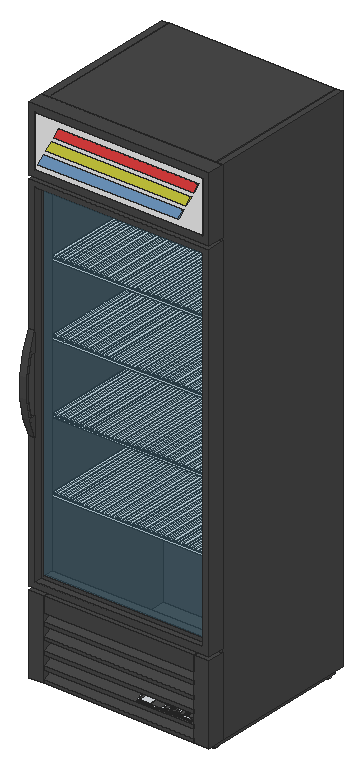
Revit family "QF_TRUE_GDM-19T-HC~TSL01_cat", category Specialty Equipment, Revit 2016
Family settings
  Part Type = Normal
  Round Connector Dimension = Use Diameter
  Work Plane-Based = No
  Always vertical = Yes
  Cut with Voids When Loaded = No
  Shared = No
  Room Calculation Point = No
Parameters
  Weight in Pounds = 315
  Watts = Volts * FL Amps  # 621 W
  Volts = 115 V
  URL Cutsheet = ""
  Specification by User = ""
  Specification by Manufacturer = ""
  Show Logo [instance] = yes
  Show Default Legs [instance] = if(Show 6 Inches Standard Legs, or(Show 6 Inches Seismic Flanged Legs, Show 2.5 Inches Castors), if(Show 2.5 Inches Castors, Show 6 Inches Seismic Flanged Legs, not(or(Show 6 Inches Seismic Flanged Legs, Show 2.5 Inches Castors, Show 6 Inches Standard Legs))))  # yes
  Show Clearance [instance] = yes
  Show 6 Inches Standard Legs [instance] = no
  Show 6 Inches Seismic Flanged Legs [instance] = no
  Show 2.5 Inches Castors [instance] = no
  Serial Number = ""
  Seismic Rating = ""
  SMACNA No = ""
  Revision Code = ""
  Phase = 1
  Number of Poles = 1
  NAFEM Spec ID Number = ""
  Model = "GDM-19T-HC-TSL01"
  Min Ckt Ampacity = 0 A
  Max Overcurrent Protection = 0 A
  Masterspec = ""
  Manufacturer = "TRUE"
  Length = 27"
  Item Number = ""
  Installed By = ""
  Identify Quantity as Lot = yes
  Height [instance] = Body Height + Base Height  # 78 5/8"
  HP = "1/3"
  Furnished By = ""
  Foodservice Equipment Identifier = yes
  FL Amps = 5.4 A
  Electrical Remarks = ""
  Electric Connection Type = ""
  Elec Conn RI Height = 0"
  Elec Conn Connection Height = 0"
  Description = "SWING DOOR REFRIGERATOR WITH HYDRO CARBON REFRIGERANT-TRUE STANDARD LOOK VERSION 01"
  Depth = 24 7/8"  # constant formula
  Cycle = 60 Hz
  Conn Plug = "NEMA 5-15P"
  Conn Conduit = yes
  CSI MasterFormat = ""
  Materials and Finishes = QF_Plastic - Black - Smooth
  Body Height [instance] = 78 5/16"  # constant formula
  Base Height [instance] = if(Show Default Legs, 5/16", if(Show 6 Inches Standard Legs, 6", if(Show 6 Inches Seismic Flanged Legs, 6", if(Show 2.5 Inches Castors, 2 1/2", 5/16"))))  # 5/16"
  Apparent Power = 0 VA
  6 Inches Standard Legs [instance] = and(Show 6 Inches Standard Legs, not(Show Default Legs))  # no
  6 Inches Seismic Flanged Legs [instance] = and(Show 6 Inches Seismic Flanged Legs, not(Show Default Legs))  # no
  2.5 Inches Castors [instance] = and(Show 2.5 Inches Castors, not(Show Default Legs))  # no
Reference planes (in)
  plane 1 "BACK": y = 0
  plane 2: z = 0
  plane 3 "LEFT": x = 0
  plane 4 "RIGHT": x = 27
  plane 5 "FRONT": y = -26.5
  plane 6 "TOP": z = 78.625
  plane 7 "Center Y": x = 13.5
  plane 8 "Center X": y = -13.25
  plane 9: z = 0.3125
  plane 10: z = 1.6875
  plane 11: y = -24.875
  plane 12: z = 1.6875
  plane 13: y = -49.753
Dimensions and locks (in)
  equal spacing: plane 3 "LEFT", plane 7 "Center Y", plane 4 "RIGHT"
  "Length": plane 3 "LEFT" to plane 4 "RIGHT"
  equal spacing: plane 5 "FRONT", plane 8 "Center X", plane 1 "BACK"
  plane 5 "FRONT" to plane 1 "BACK" = 26 1/2"  (x2)
  "Body Height": plane 6 "TOP" to plane 9
  plane 4 "RIGHT" to plane 3 "LEFT" = 27"
  "Base Height": plane 9 to level
  plane 10 to plane 9 = 1 3/8"
  "Depth": plane 1 "BACK" to plane 11
  plane 13 to plane 1 "BACK" = 49.753"
  aligned and locked: level to plane 2
  aligned and locked: plane 9 to nested 1
Nested families (in)
  nested 1: "GDM-19T-HC-TSL01" at (0, 0, 0), Show Clearance <- "Show Clearance", Show Default Legs <- "Show Default Legs", Show Logo <- "Show Logo", type "GDM-19T-HC-TSL01"
    with Show Logo yes, Show Default Legs yes, Show Clearance yes
  nested 2: "CASTER-LEGS" at (2.5, -2, 0), Show Siesmic Flanged <- "6 Inches Seismic Flanged Legs", Show 6 Inches Legs <- "6 Inches Standard Legs", Show 2.5 Casters <- "2.5 Inches Castors", type "CASTER-LEGS"
    with Type Mark "", Status "", Specification by User "", Show Siesmic Flanged no, Show 6" Casters no, Show 6 Inches Legs no, Show 5" Casters no, Show 4" Casters no, Show 2.5 Standard Legs no, Show 2.5 Casters no, Revision Code "", Low Profile yes, Item Number "", Installed By "", Identify Quantity as Lot yes, Furnished By "", Foodservice Equipment Identifier yes
  nested 3: "CASTER-LEGS" at (24.5, -2, 0), Show Siesmic Flanged <- "6 Inches Seismic Flanged Legs", Show 6 Inches Legs <- "6 Inches Standard Legs", Show 2.5 Casters <- "2.5 Inches Castors", type "CASTER-LEGS"
    with Type Mark "", Status "", Specification by User "", Show Siesmic Flanged no, Show 6" Casters no, Show 6 Inches Legs no, Show 5" Casters no, Show 4" Casters no, Show 2.5 Standard Legs no, Show 2.5 Casters no, Revision Code "", Low Profile yes, Item Number "", Installed By "", Identify Quantity as Lot yes, Furnished By "", Foodservice Equipment Identifier yes
  nested 4: "CASTER-LEGS" at (2.5, -20.375, 0), Show Siesmic Flanged <- "6 Inches Seismic Flanged Legs", Show 6 Inches Legs <- "6 Inches Standard Legs", Show 2.5 Casters <- "2.5 Inches Castors", type "CASTER-LEGS"
    with Type Mark "", Status "", Specification by User "", Show Siesmic Flanged no, Show 6" Casters no, Show 6 Inches Legs no, Show 5" Casters no, Show 4" Casters no, Show 2.5 Standard Legs no, Show 2.5 Casters no, Revision Code "", Low Profile yes, Item Number "", Installed By "", Identify Quantity as Lot yes, Furnished By "", Foodservice Equipment Identifier yes
  nested 5: "CASTER-LEGS" at (24.5, -20.375, 0), Show Siesmic Flanged <- "6 Inches Seismic Flanged Legs", Show 6 Inches Legs <- "6 Inches Standard Legs", Show 2.5 Casters <- "2.5 Inches Castors", type "CASTER-LEGS"
    with Type Mark "", Status "", Specification by User "", Show Siesmic Flanged no, Show 6" Casters no, Show 6 Inches Legs no, Show 5" Casters no, Show 4" Casters no, Show 2.5 Standard Legs no, Show 2.5 Casters no, Revision Code "", Low Profile yes, Item Number "", Installed By "", Identify Quantity as Lot yes, Furnished By "", Foodservice Equipment Identifier yes
Connectors (in)
  electrical at (13.5, -1, 39.65625), driven by "Volts", driven by "Watts"
    settings: on nested 1, index 1, voltage 115 V, apparent load 621 VA, apparent load phase1 0 VA, apparent load phase2 0 VA, apparent load phase3 0 VA, power factor 1, load classification "Other", number of poles 1, system type 30, power factor state 1, is connector primary yes, connector utility no, sub classification motor no, connector description "ELECTRICAL CONNECTION"
Definition of nested family "GDM-19T-HC-TSL01"
  Parameters (values of type "GDM-19T-HC-TSL01")
    Weight in Pounds = 0
    Watts = 0 W
    Volts = 0 V
    URL Cutsheet = ""
    Specification by User = ""
    Specification by Manufacturer = ""
    Show Logo [instance] = yes
    Show Default Legs [instance] = yes
    Show Clearance [instance] = yes
    Serial Number = ""
    Seismic Rating = ""
    SMACNA No = ""
    Revision Code = ""
    Phase = 0
    Number of Poles = 1
    NAFEM Spec ID Number = ""
    Model = ""
    Min Ckt Ampacity = 0 A
    Max Overcurrent Protection = 0 A
    Masterspec = ""
    Manufacturer = ""
    Length = 27"
    Item Number = ""
    Installed By = ""
    Identify Quantity as Lot = yes
    Height = 78 5/8"
    HP = ""
    Furnished By = ""
    Foodservice Equipment Identifier = yes
    FL Amps = 0 A
    Electrical Remarks = ""
    Electric Connection Type = ""
    Elec Conn RI Height = 0"
    Elec Conn Connection Height = 0"
    Description = ""
    Depth = 26 1/2"
    Cycle = 0 Hz
    Conn Plug = ""
    Conn Conduit = yes
    CSI MasterFormat = ""
    Body Finish = none
    Apparent Power = 0 VA
  Reference planes (in)
    plane 1 "BACK": y = 0
    plane 2: z = 0
    plane 3 "LEFT": x = 0
    plane 4 "RIGHT": x = 27
    plane 5 "FRONT": y = -26.5
    plane 6 "TOP": z = 78.625
    plane 7 "Center Y": x = 13.5
    plane 8 "Center X": y = -13.25
    plane 9: z = 0.3125
    plane 10: z = 1.6875
    plane 11: y = -24.875
    plane 12: z = 1.6875
    plane 13: y = -49.753
  Forms (in)
    Extrusion 1, solid, material <- "Body Finish"
      sketch origin (0, -26.5, 0) x (1, 0, 0) y (0, 0, 1)
        loop
          line (0, 78.625) -> (0, 68.875) -> (27, 68.875) -> (27, 78.625) -> (0, 78.625)
        loop
          line (1, 77.625) -> (1, 69.875) -> (26, 69.875) -> (26, 77.625) -> (1, 77.625)
      from -1.625 to -4.125
    Extrusion 2, solid, material <- "Body Finish"
      sketch origin (-10.24231, -24.875, 48) x (-1, 0, 0) y (0, 0, 1)
        loop
          line (-37.24231, 20.38229) -> (-37.24231, -34.11771) -> (-10.24231, -34.11771) -> (-10.24231, 20.38229) -> (-37.24231, 20.38229)
        loop
          line (-36.24231, 19.63229) -> (-36.24231, -33.11771) -> (-11.24231, -33.11771) -> (-11.24231, 19.63229) -> (-36.24231, 19.63229)
      from 0 to 2.5
    Extrusion 3, solid, material <- "Body Finish"
      sketch origin (-10.24231, -24.875, 48) x (-1, 0, 0) y (0, 0, 1)
        loop
          line (-10.24231, -46.3125) -> (-10.24231, -34.61771) -> (-12.49231, -34.61771) -> (-12.49231, -46.3125) -> (-10.24231, -46.3125)
        loop
          line (-37.24231, -46.3125) -> (-34.99231, -46.3125) -> (-34.99231, -34.61771) -> (-37.24231, -34.61771) -> (-37.24231, -46.3125)
      from 0 to 2.5
    Extrusion 4, solid, material <- "Body Finish"
      sketch origin (0, 0, 0) x (1, 0, 0) y (0, 0, 1)
        loop
          line (1.125, 1.6875) -> (1.125, 0.3125) -> (25.875, 0.3125) -> (25.875, 1.6875) -> (1.125, 1.6875)
      from 0 to 22.375
    Extrusion 5, solid, material <- "Body Finish"
      sketch origin (2.25, -24.875, 1.6875) x (0, 0, 1) y (0, -1, 0)
        loop
          line (11.69479, 0) -> (9.44479, 0) -> (9.44479, -2.25) -> (9.31979, -2.25) -> (8.19479, 0) -> (7.69479, 0) -> (8.81979, -2.25) -> (7.38229, -2.25) -> (6.25729, 0) -> (5.75729, 0) -> (6.88229, -2.25) -> (5.44479, -2.25) -> (4.31979, 0) -> (3.81979, 0) -> (4.94479, -2.25) -> (3.44479, -2.25) -> (2.31979, 0) -> (1.81979, 0) -> (2.94479, -2.25) -> (1.625, -2.25) -> (0.5, 0) -> (0, 0) -> (0, -2.5) -> (11.69479, -2.5) -> (11.69479, 0)
      from 0 to 22.5
    Extrusion 6, solid, material <- "Body Finish"
      sketch origin (0, 0, 0) x (0, 1, 0) y (0, 0, 1)
        loop
          line (-22.375, 78.625) -> (-22.375, 1.6875) -> (0, 1.6875) -> (0, 78.625) -> (-22.375, 78.625)
      from 0 to 1
    Extrusion 7, solid, material <- "Body Finish"
      sketch origin (27, 0, 0) x (0, 1, 0) y (0, 0, -1)
        loop
          line (-22.375, -78.625) -> (0, -78.625) -> (0, -1.6875) -> (-22.375, -1.6875) -> (-22.375, -78.625)
      from 0 to 1
    Extrusion 8, solid, material <- "Body Finish"
      sketch origin (1, 0, 0) x (0, 1, 0) y (0, 0, 1)
        loop
          line (0, 78.625) -> (-22.375, 78.625) -> (-22.375, 77.625) -> (-1, 77.625) -> (-1, 1.6875) -> (0, 1.6875) -> (0, 78.625)
      from 0 to 25
    Extrusion 9, solid
      sketch origin (0.75, -22.75, 0) x (-1, 0, 0) y (0, 0, 1)
        loop
          line (-0.25, 77.625) -> (-25.25, 77.625) -> (-25.25, 69.875) -> (-0.25, 69.875) -> (-0.25, 77.625)
      from -0.37249 to -2.125
    Extrusion 10, solid
      sketch origin (0.75, -24.875, 1.25) x (1, 0, 0) y (0, 0, 1)
        loop
          line (1.91159, 71.75) -> (22.79084, 71.75) -> (23.58841, 73.25) -> (2.70916, 73.25) -> (1.91159, 71.75)
      from 0 to 0.03125
    Extrusion 11, solid
      sketch origin (0.75, -24.875, 0.25) x (1, 0, 0) y (0, 0, 1)
        loop
          line (3.87016, 76.43353) -> (3.07259, 74.93353) -> (23.95185, 74.93353) -> (24.74941, 76.43353) -> (3.87016, 76.43353)
      from 0 to 0.03125
    Extrusion 12, solid
      sketch origin (0.75, -24.875, 2.25) x (1, 0, 0) y (0, 0, 1)
        loop
          line (0.75059, 68.56647) -> (21.62984, 68.56647) -> (22.42741, 70.06647) -> (1.54815, 70.06647) -> (0.75059, 68.56647)
      from 0 to 0.03125
    Extrusion 13, solid, material <- "Body Finish"
      sketch origin (-10.24231, -22.375, 48) x (-1, 0, 0) y (0, 0, 1)
        loop
          line (-11.24231, 19.63229) -> (-36.24231, 19.63229) -> (-36.24231, -33.11771) -> (-11.24231, -33.11771) -> (-11.24231, 19.63229)
        loop
          line (-35.74231, 19.13229) -> (-35.74231, -32.61771) -> (-11.74231, -32.61771) -> (-11.74231, 19.13229) -> (-35.74231, 19.13229)
      from 0 to -1.5
    Extrusion 14, solid
      sketch origin (-10.24231, -23.875, 48) x (1, 0, 0) y (0, 0, 1)
        loop
          line (11.74231, -32.61771) -> (35.74231, -32.61771) -> (35.74231, 19.13229) -> (11.74231, 19.13229) -> (11.74231, -32.61771)
      from 0 to -0.125
    Extrusion 15, solid
      sketch origin (0.375, 1.40625, 24.16366) x (0, 1, 0) y (0, 0, 1)
        loop
          arc (-26.28125, 24.2861) -> (-27.90626, 17.09363) -> (-26.28125, 9.90116) r 16.72986
          line (-26.28125, 9.90116) -> (-26.28125, 12.85144) -> (-27.1009, 12.85144)
          arc (-27.1009, 12.85144) -> (-27.65626, 17.09363) -> (-27.1009, 21.33582) r 16.47986
          line (-27.1009, 21.33582) -> (-26.28125, 21.33582) -> (-26.28125, 24.2861)
      from -0.375 to 0.625
    Extrusion 16, solid
      sketch origin (-7.70735, -175.875, 25.30729) x (-1, 0, 0) y (0, -1, 0)
        loop
          line (-8.70735, -174.875) -> (-8.70735, -153.5) -> (-33.70735, -153.5) -> (-33.70735, -174.875) -> (-8.70735, -174.875)
        loop
          line (-8.95735, -174.625) -> (-8.95735, -153.75) -> (-33.45735, -153.75) -> (-33.45735, -174.625) -> (-8.95735, -174.625)
      from 0 to 0.25
    Extrusion 17, solid
      sketch origin (-0.67188, 4.125, -1.17709) x (1, 0, 0) y (0, 0, 1)
        loop
          circle (10.17187, 26.73438) r 0.125
        loop
          circle (9.67187, 26.73438) r 0.125
        loop
          circle (9.17187, 26.73438) r 0.125
        loop
          circle (8.67187, 26.73438) r 0.125
        loop
          circle (8.17187, 26.73438) r 0.125
        loop
          circle (7.67187, 26.73438) r 0.125
        loop
          circle (7.17187, 26.73438) r 0.125
        loop
          circle (6.67187, 26.73438) r 0.125
        loop
          circle (6.17187, 26.73438) r 0.125
        loop
          circle (5.67187, 26.73438) r 0.125
        loop
          circle (5.17187, 26.73438) r 0.125
        loop
          circle (4.67187, 26.73438) r 0.125
        loop
          circle (4.17187, 26.73438) r 0.125
        loop
          circle (3.67187, 26.73438) r 0.125
        loop
          circle (3.17187, 26.73438) r 0.125
        loop
          circle (2.67187, 26.73438) r 0.125
        loop
          circle (2.17187, 26.73438) r 0.125
        loop
          circle (10.67187, 26.73438) r 0.125
        loop
          circle (11.17187, 26.73438) r 0.125
        loop
          circle (11.67187, 26.73438) r 0.125
        loop
          circle (12.17188, 26.73438) r 0.125
        loop
          circle (14.17188, 26.73438) r 0.125
        loop
          circle (13.67188, 26.73438) r 0.125
        loop
          circle (13.17188, 26.73438) r 0.125
        loop
          circle (12.67188, 26.73438) r 0.125
        loop
          circle (18.17188, 26.73438) r 0.125
        loop
          circle (18.67188, 26.73438) r 0.125
        loop
          circle (19.17188, 26.73438) r 0.125
        loop
          circle (19.67188, 26.73438) r 0.125
        loop
          circle (20.17188, 26.73438) r 0.125
        loop
          circle (20.67188, 26.73438) r 0.125
        loop
          circle (21.17188, 26.73438) r 0.125
        loop
          circle (21.67188, 26.73438) r 0.125
        loop
          circle (22.17188, 26.73438) r 0.125
        loop
          circle (22.67188, 26.73438) r 0.125
        loop
          circle (23.17188, 26.73438) r 0.125
        loop
          circle (23.67188, 26.73438) r 0.125
        loop
          circle (24.17188, 26.73438) r 0.125
        loop
          circle (24.67188, 26.73438) r 0.125
        loop
          circle (25.17188, 26.73438) r 0.125
        loop
          circle (25.67188, 26.73438) r 0.125
        loop
          circle (26.17188, 26.73438) r 0.125
        loop
          circle (17.67188, 26.73438) r 0.125
        loop
          circle (17.17188, 26.73438) r 0.125
        loop
          circle (16.67188, 26.73438) r 0.125
        loop
          circle (16.17188, 26.73438) r 0.125
        loop
          circle (14.67188, 26.73438) r 0.125
        loop
          circle (15.17188, 26.73438) r 0.125
        loop
          circle (15.67188, 26.73438) r 0.125
      from 5.375 to 26.25
    Extrusion 18, solid, not visible
      sketch origin (-6.9261, -175.875, 34.16806) x (-1, 0, 0) y (0, -1, 0)
        loop
          line (-8.70735, -174.875) -> (-8.70735, -153.5) -> (-33.70735, -153.5) -> (-33.70735, -174.875) -> (-8.70735, -174.875)
        loop
          line (-8.95735, -174.625) -> (-8.95735, -153.75) -> (-33.45735, -153.75) -> (-33.45735, -174.625) -> (-8.95735, -174.625)
      from 0 to 0.25
    Extrusion 19, solid, not visible
      sketch origin (0.10937, 4.125, 7.68369) x (1, 0, 0) y (0, 0, 1)
        loop
          circle (10.17187, 26.73438) r 0.125
        loop
          circle (9.67187, 26.73438) r 0.125
        loop
          circle (9.17187, 26.73438) r 0.125
        loop
          circle (8.67187, 26.73438) r 0.125
        loop
          circle (8.17187, 26.73438) r 0.125
        loop
          circle (7.67187, 26.73438) r 0.125
        loop
          circle (7.17187, 26.73438) r 0.125
        loop
          circle (6.67187, 26.73438) r 0.125
        loop
          circle (6.17187, 26.73438) r 0.125
        loop
          circle (5.67187, 26.73438) r 0.125
        loop
          circle (5.17187, 26.73438) r 0.125
        loop
          circle (4.67187, 26.73438) r 0.125
        loop
          circle (4.17187, 26.73438) r 0.125
        loop
          circle (3.67187, 26.73438) r 0.125
        loop
          circle (3.17187, 26.73438) r 0.125
        loop
          circle (2.67187, 26.73438) r 0.125
        loop
          circle (2.17187, 26.73438) r 0.125
        loop
          circle (10.67187, 26.73438) r 0.125
        loop
          circle (11.17187, 26.73438) r 0.125
        loop
          circle (11.67187, 26.73438) r 0.125
        loop
          circle (12.17188, 26.73438) r 0.125
        loop
          circle (14.17188, 26.73438) r 0.125
        loop
          circle (13.67188, 26.73438) r 0.125
        loop
          circle (13.17188, 26.73438) r 0.125
        loop
          circle (12.67188, 26.73438) r 0.125
        loop
          circle (18.17188, 26.73438) r 0.125
        loop
          circle (18.67188, 26.73438) r 0.125
        loop
          circle (19.17188, 26.73438) r 0.125
        loop
          circle (19.67188, 26.73438) r 0.125
        loop
          circle (20.17188, 26.73438) r 0.125
        loop
          circle (20.67188, 26.73438) r 0.125
        loop
          circle (21.17188, 26.73438) r 0.125
        loop
          circle (21.67188, 26.73438) r 0.125
        loop
          circle (22.17188, 26.73438) r 0.125
        loop
          circle (22.67188, 26.73438) r 0.125
        loop
          circle (23.17188, 26.73438) r 0.125
        loop
          circle (23.67188, 26.73438) r 0.125
        loop
          circle (24.17188, 26.73438) r 0.125
        loop
          circle (24.67188, 26.73438) r 0.125
        loop
          circle (25.17188, 26.73438) r 0.125
        loop
          circle (25.67188, 26.73438) r 0.125
        loop
          circle (26.17188, 26.73438) r 0.125
        loop
          circle (17.67188, 26.73438) r 0.125
        loop
          circle (17.17188, 26.73438) r 0.125
        loop
          circle (16.67188, 26.73438) r 0.125
        loop
          circle (16.17188, 26.73438) r 0.125
        loop
          circle (14.67188, 26.73438) r 0.125
        loop
          circle (15.17188, 26.73438) r 0.125
        loop
          circle (15.67188, 26.73438) r 0.125
      from 5.375 to 26.25
    Extrusion 20, solid
      sketch origin (-7.70735, -175.875, 35.85729) x (-1, 0, 0) y (0, -1, 0)
        loop
          line (-8.70735, -174.875) -> (-8.70735, -153.5) -> (-33.70735, -153.5) -> (-33.70735, -174.875) -> (-8.70735, -174.875)
        loop
          line (-8.95735, -174.625) -> (-8.95735, -153.75) -> (-33.45735, -153.75) -> (-33.45735, -174.625) -> (-8.95735, -174.625)
      from 0 to 0.25
    Extrusion 21, solid
      sketch origin (-0.67188, 4.125, 9.37291) x (1, 0, 0) y (0, 0, 1)
        loop
          circle (10.17187, 26.73438) r 0.125
        loop
          circle (9.67187, 26.73438) r 0.125
        loop
          circle (9.17187, 26.73438) r 0.125
        loop
          circle (8.67187, 26.73438) r 0.125
        loop
          circle (8.17187, 26.73438) r 0.125
        loop
          circle (7.67187, 26.73438) r 0.125
        loop
          circle (7.17187, 26.73438) r 0.125
        loop
          circle (6.67187, 26.73438) r 0.125
        loop
          circle (6.17187, 26.73438) r 0.125
        loop
          circle (5.67187, 26.73438) r 0.125
        loop
          circle (5.17187, 26.73438) r 0.125
        loop
          circle (4.67187, 26.73438) r 0.125
        loop
          circle (4.17187, 26.73438) r 0.125
        loop
          circle (3.67187, 26.73438) r 0.125
        loop
          circle (3.17187, 26.73438) r 0.125
        loop
          circle (2.67187, 26.73438) r 0.125
        loop
          circle (2.17187, 26.73438) r 0.125
        loop
          circle (10.67187, 26.73438) r 0.125
        loop
          circle (11.17187, 26.73438) r 0.125
        loop
          circle (11.67187, 26.73438) r 0.125
        loop
          circle (12.17188, 26.73438) r 0.125
        loop
          circle (14.17188, 26.73438) r 0.125
        loop
          circle (13.67188, 26.73438) r 0.125
        loop
          circle (13.17188, 26.73438) r 0.125
        loop
          circle (12.67188, 26.73438) r 0.125
        loop
          circle (18.17188, 26.73438) r 0.125
        loop
          circle (18.67188, 26.73438) r 0.125
        loop
          circle (19.17188, 26.73438) r 0.125
        loop
          circle (19.67188, 26.73438) r 0.125
        loop
          circle (20.17188, 26.73438) r 0.125
        loop
          circle (20.67188, 26.73438) r 0.125
        loop
          circle (21.17188, 26.73438) r 0.125
        loop
          circle (21.67188, 26.73438) r 0.125
        loop
          circle (22.17188, 26.73438) r 0.125
        loop
          circle (22.67188, 26.73438) r 0.125
        loop
          circle (23.17188, 26.73438) r 0.125
        loop
          circle (23.67188, 26.73438) r 0.125
        loop
          circle (24.17188, 26.73438) r 0.125
        loop
          circle (24.67188, 26.73438) r 0.125
        loop
          circle (25.17188, 26.73438) r 0.125
        loop
          circle (25.67188, 26.73438) r 0.125
        loop
          circle (26.17188, 26.73438) r 0.125
        loop
          circle (17.67188, 26.73438) r 0.125
        loop
          circle (17.17188, 26.73438) r 0.125
        loop
          circle (16.67188, 26.73438) r 0.125
        loop
          circle (16.17188, 26.73438) r 0.125
        loop
          circle (14.67188, 26.73438) r 0.125
        loop
          circle (15.17188, 26.73438) r 0.125
        loop
          circle (15.67188, 26.73438) r 0.125
      from 5.375 to 26.25
    Extrusion 22, solid
      sketch origin (-7.70735, -175.875, 46.40729) x (-1, 0, 0) y (0, -1, 0)
        loop
          line (-8.70735, -174.875) -> (-8.70735, -153.5) -> (-33.70735, -153.5) -> (-33.70735, -174.875) -> (-8.70735, -174.875)
        loop
          line (-8.95735, -174.625) -> (-8.95735, -153.75) -> (-33.45735, -153.75) -> (-33.45735, -174.625) -> (-8.95735, -174.625)
      from 0 to 0.25
    Extrusion 23, solid
      sketch origin (-0.67188, 4.125, 19.92291) x (1, 0, 0) y (0, 0, 1)
        loop
          circle (10.17187, 26.73438) r 0.125
        loop
          circle (9.67187, 26.73438) r 0.125
        loop
          circle (9.17187, 26.73438) r 0.125
        loop
          circle (8.67187, 26.73438) r 0.125
        loop
          circle (8.17187, 26.73438) r 0.125
        loop
          circle (7.67187, 26.73438) r 0.125
        loop
          circle (7.17187, 26.73438) r 0.125
        loop
          circle (6.67187, 26.73438) r 0.125
        loop
          circle (6.17187, 26.73438) r 0.125
        loop
          circle (5.67187, 26.73438) r 0.125
        loop
          circle (5.17187, 26.73438) r 0.125
        loop
          circle (4.67187, 26.73438) r 0.125
        loop
          circle (4.17187, 26.73438) r 0.125
        loop
          circle (3.67187, 26.73438) r 0.125
        loop
          circle (3.17187, 26.73438) r 0.125
        loop
          circle (2.67187, 26.73438) r 0.125
        loop
          circle (2.17187, 26.73438) r 0.125
        loop
          circle (10.67187, 26.73438) r 0.125
        loop
          circle (11.17187, 26.73438) r 0.125
        loop
          circle (11.67187, 26.73438) r 0.125
        loop
          circle (12.17188, 26.73438) r 0.125
        loop
          circle (14.17188, 26.73438) r 0.125
        loop
          circle (13.67188, 26.73438) r 0.125
        loop
          circle (13.17188, 26.73438) r 0.125
        loop
          circle (12.67188, 26.73438) r 0.125
        loop
          circle (18.17188, 26.73438) r 0.125
        loop
          circle (18.67188, 26.73438) r 0.125
        loop
          circle (19.17188, 26.73438) r 0.125
        loop
          circle (19.67188, 26.73438) r 0.125
        loop
          circle (20.17188, 26.73438) r 0.125
        loop
          circle (20.67188, 26.73438) r 0.125
        loop
          circle (21.17188, 26.73438) r 0.125
        loop
          circle (21.67188, 26.73438) r 0.125
        loop
          circle (22.17188, 26.73438) r 0.125
        loop
          circle (22.67188, 26.73438) r 0.125
        loop
          circle (23.17188, 26.73438) r 0.125
        loop
          circle (23.67188, 26.73438) r 0.125
        loop
          circle (24.17188, 26.73438) r 0.125
        loop
          circle (24.67188, 26.73438) r 0.125
        loop
          circle (25.17188, 26.73438) r 0.125
        loop
          circle (25.67188, 26.73438) r 0.125
        loop
          circle (26.17188, 26.73438) r 0.125
        loop
          circle (17.67188, 26.73438) r 0.125
        loop
          circle (17.17188, 26.73438) r 0.125
        loop
          circle (16.67188, 26.73438) r 0.125
        loop
          circle (16.17188, 26.73438) r 0.125
        loop
          circle (14.67188, 26.73438) r 0.125
        loop
          circle (15.17188, 26.73438) r 0.125
        loop
          circle (15.67188, 26.73438) r 0.125
      from 5.375 to 26.25
    Extrusion 24, solid
      sketch origin (-7.70735, -175.875, 56.95729) x (-1, 0, 0) y (0, -1, 0)
        loop
          line (-8.70735, -174.875) -> (-8.70735, -153.5) -> (-33.70735, -153.5) -> (-33.70735, -174.875) -> (-8.70735, -174.875)
        loop
          line (-8.95735, -174.625) -> (-8.95735, -153.75) -> (-33.45735, -153.75) -> (-33.45735, -174.625) -> (-8.95735, -174.625)
      from 0 to 0.25
    Extrusion 25, solid
      sketch origin (-0.67188, 4.125, 30.47291) x (1, 0, 0) y (0, 0, 1)
        loop
          circle (10.17187, 26.73438) r 0.125
        loop
          circle (9.67187, 26.73438) r 0.125
        loop
          circle (9.17187, 26.73438) r 0.125
        loop
          circle (8.67187, 26.73438) r 0.125
        loop
          circle (8.17187, 26.73438) r 0.125
        loop
          circle (7.67187, 26.73438) r 0.125
        loop
          circle (7.17187, 26.73438) r 0.125
        loop
          circle (6.67187, 26.73438) r 0.125
        loop
          circle (6.17187, 26.73438) r 0.125
        loop
          circle (5.67187, 26.73438) r 0.125
        loop
          circle (5.17187, 26.73438) r 0.125
        loop
          circle (4.67187, 26.73438) r 0.125
        loop
          circle (4.17187, 26.73438) r 0.125
        loop
          circle (3.67187, 26.73438) r 0.125
        loop
          circle (3.17187, 26.73438) r 0.125
        loop
          circle (2.67187, 26.73438) r 0.125
        loop
          circle (2.17187, 26.73438) r 0.125
        loop
          circle (10.67187, 26.73438) r 0.125
        loop
          circle (11.17187, 26.73438) r 0.125
        loop
          circle (11.67187, 26.73438) r 0.125
        loop
          circle (12.17188, 26.73438) r 0.125
        loop
          circle (14.17188, 26.73438) r 0.125
        loop
          circle (13.67188, 26.73438) r 0.125
        loop
          circle (13.17188, 26.73438) r 0.125
        loop
          circle (12.67188, 26.73438) r 0.125
        loop
          circle (18.17188, 26.73438) r 0.125
        loop
          circle (18.67188, 26.73438) r 0.125
        loop
          circle (19.17188, 26.73438) r 0.125
        loop
          circle (19.67188, 26.73438) r 0.125
        loop
          circle (20.17188, 26.73438) r 0.125
        loop
          circle (20.67188, 26.73438) r 0.125
        loop
          circle (21.17188, 26.73438) r 0.125
        loop
          circle (21.67188, 26.73438) r 0.125
        loop
          circle (22.17188, 26.73438) r 0.125
        loop
          circle (22.67188, 26.73438) r 0.125
        loop
          circle (23.17188, 26.73438) r 0.125
        loop
          circle (23.67188, 26.73438) r 0.125
        loop
          circle (24.17188, 26.73438) r 0.125
        loop
          circle (24.67188, 26.73438) r 0.125
        loop
          circle (25.17188, 26.73438) r 0.125
        loop
          circle (25.67188, 26.73438) r 0.125
        loop
          circle (26.17188, 26.73438) r 0.125
        loop
          circle (17.67188, 26.73438) r 0.125
        loop
          circle (17.17188, 26.73438) r 0.125
        loop
          circle (16.67188, 26.73438) r 0.125
        loop
          circle (16.17188, 26.73438) r 0.125
        loop
          circle (14.67188, 26.73438) r 0.125
        loop
          circle (15.17188, 26.73438) r 0.125
        loop
          circle (15.67188, 26.73438) r 0.125
      from 5.375 to 26.25
    Extrusion 26, solid, visible <- "Show Default Legs"
      sketch origin (24.83359, 0, 0.3125) x (0, 1, 0) y (1, 0, 0)
        loop
          circle (-0.70711, -23.00148) r 0.5
        loop
          circle (-0.70711, 0.3343) r 0.5
        loop
          circle (-21.625, -23.00148) r 0.5
        loop
          circle (-21.625, 0.3343) r 0.5
      from 0 to 0.3125
    Extrusion 27, solid, visible <- "Show Clearance", detail levels coarse
      sketch origin (27, -24.875, 68.38229) x (-1, 0, 0) y (0, -1, 0)
        loop
          line (0, 0) -> (27, 0)
          arc (27, 0) -> (18.52072, 17.88797) -> (0, 24.878) r 26.44471
          line (0, 24.878) -> (0, 0)
      from 0 to -54.5
    Extrusion 28, solid, material <- "Body Finish"
      sketch origin (0, 0, 0) x (1, 0, 0) y (0, 0, 1)
        loop
          circle (13.5, 7.53489) r 0.25
      from 0 to -0.125
  Lines and regions (in)
    symbolic lines
      curve 1: line (0, -24.875, 0) -> (27, -24.875, 0)
      curve 2: line (0, 0, 0) -> (0, -26.50001, 0)
      curve 3: line (27, 0, 0) -> (0, 0, 0)
      curve 4: line (27, -24.875, 0) -> (27, 0, 0)
      curve 5: line (1, -26.50001, 0) -> (0, -26.50001, 0)
      curve 6: line (1, -26.50001, 0) -> (1, -24.875, 0)
      curve 7: line (0, -22.375, 0) -> (27, -22.375, 0)
      curve 8: line (1, -22.375, 0) -> (1, 0, 0)
      curve 9: line (26, -22.375, 0) -> (26, 0, 0)
      curve 10: line (27, -24.875, 0) -> (4.36736, -37.94196, 0)
      curve 11: arc (0, -24.875, 0) -> (1.31776, -31.6979, 0) -> (4.36736, -37.94196, 0) r 26.44471
  Dimensions and locks (in)
    equal spacing: plane 3 "LEFT", plane 7 "Center Y", plane 4 "RIGHT"
    "Length": plane 3 "LEFT" to plane 4 "RIGHT"
    equal spacing: plane 5 "FRONT", plane 8 "Center X", plane 1 "BACK"
    "Depth": plane 5 "FRONT" to plane 1 "BACK"
    "Height": plane 6 "TOP" to level
    plane 4 "RIGHT" to plane 3 "LEFT" = 27"
    plane 5 "FRONT" to plane 1 "BACK" = 26 1/2"
    plane 9 to level = 5/16"
    plane 6 "TOP" to plane 10 = 76 15/16"
    plane 10 to plane 9 = 1 3/8"
    plane 1 "BACK" to plane 11 = 24 7/8"
    plane 13 to plane 1 "BACK" = 49.753"
    equal spacing: Extrusion 3, Extrusion 28 sketch curve, Extrusion 3
    aligned and locked: level to plane 2
  Automatic sketch dimensions
    Extrusion 1 sketch curve to plane 3 "LEFT" = 0"
    plane 4 "RIGHT" to Extrusion 1 sketch curve = 0"
    Extrusion 1 sketch curve to plane 6 "TOP" = 0"
    plane 3 "LEFT" to Extrusion 1 sketch curve = 1"
    plane 4 "RIGHT" to Extrusion 1 sketch curve = 1"
    Extrusion 1 sketch curve to plane 6 "TOP" = 1"
    plane 4 "RIGHT" to Extrusion 2 sketch curve = 0"
    Extrusion 2 sketch curve to plane 3 "LEFT" = 0"
    plane 4 "RIGHT" to Extrusion 2 sketch curve = 1"
    plane 3 "LEFT" to Extrusion 2 sketch curve = 1"
    Extrusion 2 sketch curve to Extrusion 2 sketch curve = 1"
    plane 4 "RIGHT" to Extrusion 3 sketch curve = 0"
    Extrusion 3 sketch curve to plane 10 = 0"  (x2)
    Extrusion 3 sketch curve to plane 3 "LEFT" = 0"
    Extrusion 3 sketch curve to Extrusion 3 sketch curve = 2 1/4"
    plane 3 "LEFT" to Extrusion 3 sketch curve = 2 1/4"
    Extrusion 4 sketch curve to plane 9 = 0"
    Extrusion 4 sketch curve to plane 10 = 0"
    plane 3 "LEFT" to Extrusion 4 sketch curve = 1 1/8"
    plane 4 "RIGHT" to Extrusion 4 sketch curve = 1 1/8"
    Extrusion 5 sketch curve to Extrusion 3 = 0"  (x8)
    Extrusion 3 to Extrusion 5 sketch curve = 0"
    Extrusion 5 sketch curve to Extrusion 5 sketch curve = 1/2"  (x9)
    Extrusion 3 to Extrusion 5 sketch curve = 1/4"  (x5)
    Extrusion 5 sketch curve to Extrusion 3 = 1 5/8"
    Extrusion 5 sketch curve to Extrusion 5 sketch curve = 1.31979"  (x2)
    Extrusion 5 sketch curve to Extrusion 5 sketch curve = 1 1/2"  (x2)
    Extrusion 5 sketch curve to Extrusion 5 sketch curve = 1 7/16"  (x4)
    Extrusion 5 sketch curve to Extrusion 5 sketch curve = 1/8"
    Extrusion 6 sketch curve to plane 10 = 0"
    Extrusion 6 sketch curve to plane 1 "BACK" = 0"
    Extrusion 6 sketch curve to plane 6 "TOP" = 0"
    Extrusion 7 sketch curve to plane 10 = 0"
    Extrusion 7 sketch curve to plane 1 "BACK" = 0"
    Extrusion 7 sketch curve to plane 6 "TOP" = 0"
    Extrusion 8 sketch curve to Extrusion 6 = 0"  (x3)
    Extrusion 6 to Extrusion 8 sketch curve = 0"
    Extrusion 8 sketch curve to Extrusion 6 = 1"  (x2)
    plane 4 "RIGHT" to Extrusion 9 sketch curve = 1"
    plane 3 "LEFT" to Extrusion 9 sketch curve = 1"
    Extrusion 9 sketch curve to plane 6 "TOP" = 1"
    Extrusion 10 sketch curve to Extrusion 9 = 1.66159"  (x2)
    Extrusion 10 sketch curve to Extrusion 10 sketch curve = 0.79756"
    Extrusion 10 sketch curve to Extrusion 9 = 2.45916"
    Extrusion 10 sketch curve to Extrusion 9 = 3 1/8"
    Extrusion 10 sketch curve to Extrusion 10 sketch curve = 1 1/2"
    Extrusion 11 sketch curve to Extrusion 9 = 2.82259"
    Extrusion 11 sketch curve to Extrusion 9 = 0.94147"
    Extrusion 11 sketch curve to Extrusion 11 sketch curve = 0.79756"
    Extrusion 11 sketch curve to Extrusion 9 = 1.29815"
    Extrusion 11 sketch curve to Extrusion 9 = 0.50059"
    Extrusion 11 sketch curve to Extrusion 11 sketch curve = 1 1/2"
    Extrusion 12 sketch curve to Extrusion 9 = 0.50059"
    Extrusion 12 sketch curve to Extrusion 9 = 1.29815"
    Extrusion 12 sketch curve to Extrusion 9 = 0.94147"
    Extrusion 12 sketch curve to Extrusion 9 = 3.62016"
    Extrusion 12 sketch curve to Extrusion 12 sketch curve = 0.79756"
    Extrusion 12 sketch curve to Extrusion 12 sketch curve = 1 1/2"
    Extrusion 2 to Extrusion 13 sketch curve = 0"
    Extrusion 13 sketch curve to Extrusion 2 = 0"  (x3)
    Extrusion 2 to Extrusion 13 sketch curve = 1/2"  (x4)
    Extrusion 14 sketch curve to Extrusion 13 = 0"  (x3)
    Extrusion 13 to Extrusion 14 sketch curve = 0"
    Extrusion 15 sketch curve to Extrusion 15 sketch curve = 0"  (x3)
    Extrusion 15 sketch curve to plane 11 = 0"  (x2)
    Extrusion 15 sketch curve to plane 5 "FRONT" = 0.80535"  (x2)
    plane 8 "Center X" to Extrusion 15 sketch curve = 3.47985"
    Extrusion 15 sketch curve to Extrusion 15 sketch curve = 2.95028"
    Extrusion 15 sketch curve to Extrusion 15 sketch curve = 4 31/128"
    Extrusion 1 sketch curve to Extrusion 1 sketch curve = 7 3/4"
    Extrusion 1 sketch curve to Extrusion 1 sketch curve = 1"
    Extrusion 2 sketch curve to plane 6 "TOP" = 10.99271"
    Extrusion 2 sketch curve to Extrusion 2 sketch curve = 3/4"
    Extrusion 9 sketch curve to Extrusion 9 sketch curve = 7 3/4"
    plane 10 to Extrusion 2 sketch curve = 13.19479"
    plane 10 to Extrusion 3 sketch curve = 11.69479"
    Extrusion 3 sketch curve to Extrusion 3 sketch curve = 11.69479"
    plane 10 to Extrusion 15 sketch curve = 32.37732"
    Extrusion 17 sketch curve to Extrusion 17 sketch curve = 1/2"  (x48)
    Extrusion 17 sketch curve to Extrusion 17 sketch curve = 0"  (x48)
    Extrusion 16 sketch curve to Extrusion 16 sketch curve = 1/4"  (x4)
    Extrusion 16 sketch curve to Extrusion 16 sketch curve = 24 1/2"
    Extrusion 16 sketch curve to Extrusion 16 sketch curve = 20 7/8"
    Extrusion 21 sketch curve to Extrusion 21 sketch curve = 1/2"  (x48)
    Extrusion 21 sketch curve to Extrusion 21 sketch curve = 0"  (x48)
    Extrusion 20 sketch curve to Extrusion 20 sketch curve = 1/4"  (x4)
    Extrusion 20 sketch curve to Extrusion 20 sketch curve = 24 1/2"
    Extrusion 20 sketch curve to Extrusion 20 sketch curve = 20 7/8"
    Extrusion 23 sketch curve to Extrusion 23 sketch curve = 1/2"  (x48)
    Extrusion 23 sketch curve to Extrusion 23 sketch curve = 0"  (x48)
    Extrusion 22 sketch curve to Extrusion 22 sketch curve = 1/4"  (x4)
    Extrusion 22 sketch curve to Extrusion 22 sketch curve = 24 1/2"
    Extrusion 22 sketch curve to Extrusion 22 sketch curve = 20 7/8"
    Extrusion 25 sketch curve to Extrusion 25 sketch curve = 1/2"  (x48)
    Extrusion 25 sketch curve to Extrusion 25 sketch curve = 0"  (x48)
    Extrusion 24 sketch curve to Extrusion 24 sketch curve = 1/4"  (x4)
    Extrusion 24 sketch curve to Extrusion 24 sketch curve = 24 1/2"
    Extrusion 24 sketch curve to Extrusion 24 sketch curve = 20 7/8"
    Extrusion 26 sketch curve to Extrusion 4 = 3/4"  (x2)
    Extrusion 26 sketch curve to Extrusion 4 = 0.70711"  (x4)
    Extrusion 4 to Extrusion 26 sketch curve = 0.70711"  (x2)
    plane 11 to Extrusion 6 sketch curve = 2 1/2"
    plane 11 to Extrusion 7 sketch curve = 2 1/2"
    Extrusion 27 sketch curve to Extrusion 2 = 0"  (x3)
    Extrusion 2 to Extrusion 27 sketch curve = 0.60134"
    Extrusion 2 to Extrusion 27 sketch curve = 0.94013"
    curve 7 to plane 3 "LEFT" = 0"
    plane 1 "BACK" to curve 8 = 0"
    curve 6 to plane 11 = 0"
    curve 3 to plane 4 "RIGHT" = 0"
    plane 5 "FRONT" to curve 5 = 0"
    plane 3 "LEFT" to curve 5 = 1"
    plane 3 "LEFT" to curve 10 = 4.36736"
    plane 3 "LEFT" to curve 8 = 1"
    plane 4 "RIGHT" to curve 9 = 1"
    curve 6 to curve 8 = 2 1/2"
    curve 11 to plane 13 = 11.81104"
    plane 4 "RIGHT" to curve 11 = 0.60134"
    Extrusion 28 sketch curve to plane 7 "Center Y" = 0"
    radius of Extrusion 17 sketch curve = 1/8"  (x49)
    radius of Extrusion 21 sketch curve = 1/8"  (x49)
    radius of Extrusion 23 sketch curve = 1/8"  (x49)
    radius of Extrusion 25 sketch curve = 1/8"  (x49)
    radius of Extrusion 26 sketch curve = 1/2"  (x4)
    radius of Extrusion 28 sketch curve = 1/4"
  Nested families (in)
    nested 1: "QF_LOGO_TRUE" at (16.10937, -23.44525, 3.48656), Show Logo <- "Show Logo", type "QF_LOGO_TRUE", detail levels medium+fine
      with Show Logo yes
  Connectors (in)
    electrical at (13.5, 0.125, 7.53489), driven by "Volts", driven by "Watts"
      settings: on Extrusion 28, index 1, voltage 0 V, apparent load 0 VA, apparent load phase1 0 VA, apparent load phase2 0 VA, apparent load phase3 0 VA, power factor 1, load classification none, number of poles 1, system type 30, power factor state 1, is connector primary yes, connector utility no, sub classification motor no, connector description "ELECTRICAL CONNECTION"
  Definition of nested family "QF_LOGO_TRUE"
    Parameters (values of type "QF_LOGO_TRUE")
      Show Logo [instance] = yes
    Reference planes (in)
      plane 1 "Center (Front/Back)": y = 0
      plane 2: z = 0
      plane 3 "Center (Left/Right)": x = 0
    Forms (in)
      Extrusion 1, solid, visible <- "Show Logo"
        sketch origin (-78.34647, -5.69797, -45.41461) x (1, 0, 0) y (0, 0.811961, 0.583711)
          loop
            line (81.15226, 31.65456) -> (81.07353, 31.48573) -> (82.12083, 31.48573)
            arc (82.12083, 31.48573) -> (82.14208, 31.44814) -> (82.12083, 31.41055) r 0.04386
            line (82.12083, 31.41055) -> (81.84767, 30.82478)
            arc (81.84767, 30.82478) -> (81.84531, 30.77052) -> (81.882, 30.73048) r 0.07096
            line (81.882, 30.73048) -> (82.55165, 30.73048)
            arc (82.55165, 30.73048) -> (82.63621, 30.75714) -> (82.69019, 30.82748) r 0.14742
            line (82.69019, 30.82748) -> (82.90515, 31.28847) -> (83.10265, 31.28847)
            arc (83.10265, 31.28847) -> (83.15447, 31.26942) -> (83.14697, 31.21472) r 0.04405
            line (83.14697, 31.21472) -> (82.9671, 30.82899)
            arc (82.9671, 30.82899) -> (82.9699, 30.76493) -> (83.02398, 30.73048) r 0.06943
            line (83.02398, 30.73048) -> (83.6124, 30.73048)
            arc (83.6124, 30.73048) -> (83.65748, 30.74689) -> (83.68147, 30.78844) r 0.07014
            arc (83.68147, 30.78844) -> (83.69845, 30.74745) -> (83.73943, 30.73048) r 0.05796
            line (83.73943, 30.73048) -> (84.112, 30.73048)
            arc (84.112, 30.73048) -> (84.15504, 30.74201) -> (84.18655, 30.77352) r 0.08608
            arc (84.18655, 30.77352) -> (84.20164, 30.7371) -> (84.23806, 30.72202) r 0.0515
            line (84.23806, 30.72202) -> (84.76757, 30.72202)
            arc (84.76757, 30.72202) -> (84.81086, 30.73995) -> (84.8288, 30.78324) r 0.06122
            arc (84.8288, 30.78324) -> (84.86848, 30.74355) -> (84.92269, 30.72903) r 0.10842
            line (84.92269, 30.72903) -> (85.91461, 30.72903) -> (86.02479, 30.91987) -> (85.0243, 30.91987)
            arc (85.0243, 30.91987) -> (84.99669, 30.93902) -> (84.99566, 30.97261) r 0.03732
            line (84.99566, 30.97261) -> (85.01297, 31.00972)
            arc (85.01297, 31.00972) -> (85.03954, 31.04453) -> (85.0813, 31.05774) r 0.07263
            line (85.0813, 31.05774) -> (85.40289, 31.05774)
            arc (85.40289, 31.05774) -> (85.4723, 31.07633) -> (85.52311, 31.12715) r 0.13882
            line (85.52311, 31.12715) -> (85.61625, 31.28847)
            arc (85.61625, 31.28847) -> (85.61625, 31.37458) -> (85.54168, 31.41763) r 0.08611
            line (85.54168, 31.41763) -> (85.20227, 31.41763)
            arc (85.20227, 31.41763) -> (85.11574, 31.40294) -> (85.05538, 31.33923) r 0.13863
            line (85.05538, 31.33923) -> (84.89409, 30.99333)
            arc (84.89409, 30.99333) -> (84.84649, 30.9313) -> (84.77191, 30.90778) r 0.13002
            line (84.77191, 30.90778) -> (84.41984, 30.90778)
            arc (84.41984, 30.90778) -> (84.3777, 30.95378) -> (84.38042, 31.0161) r 0.08151
            line (84.38042, 31.0161) -> (84.56766, 31.41763) -> (84.44849, 31.41763) -> (84.25012, 30.99222)
            arc (84.25012, 30.99222) -> (84.21158, 30.94199) -> (84.15119, 30.92296) r 0.10527
            line (84.15119, 30.92296) -> (83.90842, 30.92296)
            arc (83.90842, 30.92296) -> (83.8674, 30.97642) -> (83.87619, 31.04323) r 0.08805
            line (83.87619, 31.04323) -> (84.05078, 31.41763) -> (83.92772, 31.41763) -> (83.72676, 30.98668)
            arc (83.72676, 30.98668) -> (83.68011, 30.94003) -> (83.61639, 30.92296) r 0.12745
            line (83.61639, 30.92296) -> (83.26484, 30.92296)
            arc (83.26484, 30.92296) -> (83.2017, 30.9524) -> (83.19563, 31.0218) r 0.06967
            line (83.19563, 31.0218) -> (83.31118, 31.26961) -> (83.47452, 31.26961)
            arc (83.47452, 31.26961) -> (83.50209, 31.35268) -> (83.56075, 31.41763) r 0.21289
            line (83.56075, 31.41763) -> (82.92244, 31.41763)
            arc (82.92244, 31.41763) -> (82.85151, 31.40191) -> (82.80242, 31.34834) r 0.12081
            line (82.80242, 31.34834) -> (82.6294, 30.9773)
            arc (82.6294, 30.9773) -> (82.58962, 30.93752) -> (82.53528, 30.92296) r 0.10869
            line (82.53528, 30.92296) -> (82.1542, 30.92296)
            arc (82.1542, 30.92296) -> (82.12446, 30.96315) -> (82.13012, 31.01283) r 0.06822
            line (82.13012, 31.01283) -> (82.38156, 31.48573) -> (83.01596, 31.48573) -> (83.09469, 31.65456) -> (82.46029, 31.65456) -> (82.53902, 31.8234) -> (82.31334, 31.8234) -> (82.23461, 31.65456) -> (81.15226, 31.65456)
          loop
            arc (85.15937, 31.26434) -> (85.13191, 31.25698) -> (85.1118, 31.23688) r 0.05494
            line (85.1118, 31.23688) -> (85.09547, 31.18665)
            arc (85.09547, 31.18665) -> (85.10304, 31.16837) -> (85.12133, 31.16079) r 0.02586
            line (85.12133, 31.16079) -> (85.39889, 31.16079)
            arc (85.39889, 31.16079) -> (85.41888, 31.16523) -> (85.43513, 31.1777) r 0.04731
            line (85.43513, 31.1777) -> (85.44863, 31.2402)
            arc (85.44863, 31.2402) -> (85.44466, 31.25693) -> (85.42914, 31.26434) r 0.01994
            line (85.42914, 31.26434) -> (85.15937, 31.26434)
          loop
            line (78.62961, 30.74125) -> (80.12032, 30.74125) -> (80.73891, 31.81268) -> (79.2482, 31.81268) -> (78.62961, 30.74125)
        from 34.76797 to 34.83173
      Extrusion 2, solid, visible <- "Show Logo"
        sketch origin (-142.84857, -8.01816, -47.06044) x (1, 0, 0) y (0, 0.811961, 0.583711)
          loop
            line (150.81107, 34.71978) -> (142.98607, 34.71978) -> (142.98607, 33.4921) -> (150.81107, 33.4921) -> (150.81107, 34.71978)
        from 34.75108 to 34.78125
      Extrusion 3, solid, visible <- "Show Logo"
        sketch origin (-142.84857, -8.01816, -47.06044) x (1, 0, 0) y (0, 0.811961, 0.583711)
          loop
            line (150.94857, 34.85727) -> (142.84857, 34.85727) -> (142.84857, 33.3546) -> (150.94857, 33.3546) -> (150.94857, 34.85727)
          loop
            line (142.98607, 34.71978) -> (142.98607, 33.4921) -> (150.81107, 33.4921) -> (150.81107, 34.71978) -> (142.98607, 34.71978)
        from 34.75108 to 34.81376
      Extrusion 4, solid, not visible
        sketch origin (121.45701, -16.5, 4.98235) x (1, 0, 0) y (0, 0, 1)
          loop
            line (25.20115, 35.89949) -> (25.20115, 33.96647) -> (30.95381, 33.96647) -> (30.95381, 35.89949) -> (25.20115, 35.89949)
        from 31.5 to 31.54261
      Extrusion 5, solid, not visible
        sketch origin (121.45701, -16.5, 4.98235) x (1, 0, 0) y (0, 0, 1)
          loop
            line (26.7387, 34.95472) -> (26.61492, 34.49276) -> (27.038, 34.49276)
            arc (27.038, 34.49276) -> (27.13117, 34.52484) -> (27.18485, 34.60749) r 0.15134
            arc (27.18485, 34.60749) -> (27.20396, 34.68138) -> (27.22435, 34.75493) r 4.37326
            arc (27.22435, 34.75493) -> (27.23458, 34.81765) -> (27.22435, 34.88037) r 0.1974
            arc (27.22435, 34.88037) -> (27.18247, 34.93579) -> (27.11563, 34.95472) r 0.10914
            line (27.11563, 34.95472) -> (26.7387, 34.95472)
          loop
            line (26.90201, 34.80638) -> (26.84645, 34.59903) -> (26.92855, 34.59903)
            arc (26.92855, 34.59903) -> (26.98205, 34.6185) -> (27.01051, 34.6678) r 0.08322
            line (27.01051, 34.6678) -> (27.02399, 34.74424)
            arc (27.02399, 34.74424) -> (27.01491, 34.78454) -> (26.97985, 34.80638) r 0.05353
            line (26.97985, 34.80638) -> (26.90201, 34.80638)
          loop
            line (27.45336, 34.66131) -> (27.76233, 34.66131) -> (27.78859, 34.73909)
            arc (27.78859, 34.73909) -> (27.7878, 34.82039) -> (27.73107, 34.87864) r 0.10925
            arc (27.73107, 34.87864) -> (27.68233, 34.8944) -> (27.63139, 34.89974) r 0.24595
            line (27.63139, 34.89974) -> (27.46708, 34.89974)
            arc (27.46708, 34.89974) -> (27.4068, 34.88073) -> (27.3535, 34.84677) r 0.2421
            arc (27.3535, 34.84677) -> (27.2897, 34.76363) -> (27.26702, 34.66131) r 0.2421
            line (27.26702, 34.66131) -> (27.26702, 34.54477)
            arc (27.26702, 34.54477) -> (27.31618, 34.4956) -> (27.38334, 34.47761) r 0.13431
            line (27.38334, 34.47761) -> (27.59054, 34.47761)
            arc (27.59054, 34.47761) -> (27.63459, 34.48281) -> (27.67622, 34.49812) r 0.18924
            line (27.67622, 34.49812) -> (27.73102, 34.61563)
            arc (27.73102, 34.61563) -> (27.68453, 34.59565) -> (27.63566, 34.58252) r 0.35376
            arc (27.63566, 34.58252) -> (27.55885, 34.56956) -> (27.48204, 34.58252) r 0.23415
            arc (27.48204, 34.58252) -> (27.44492, 34.61362) -> (27.45336, 34.66131) r 0.04838
          loop
            line (27.4842, 34.73042) -> (27.62012, 34.73042) -> (27.62621, 34.76496)
            arc (27.62621, 34.76496) -> (27.58961, 34.80242) -> (27.53739, 34.80638) r 0.0742
            arc (27.53739, 34.80638) -> (27.49747, 34.77773) -> (27.4842, 34.73042) r 0.0742
          loop
            line (27.91616, 34.97572) -> (27.78675, 34.49276) -> (27.98645, 34.49276) -> (28.11586, 34.97572) -> (27.91616, 34.97572)
          loop
            line (28.13678, 34.66131) -> (28.08755, 34.47761) -> (28.27134, 34.47761) -> (28.32056, 34.66131) -> (28.43674, 34.66131) -> (28.47974, 34.78864) -> (28.36519, 34.78864)
            arc (28.36519, 34.78864) -> (28.35733, 34.81649) -> (28.36921, 34.84288) r 0.04231
            arc (28.36921, 34.84288) -> (28.431, 34.8652) -> (28.49617, 34.85686) r 0.13988
            line (28.49617, 34.85686) -> (28.53544, 34.97317)
            arc (28.53544, 34.97317) -> (28.39725, 34.99096) -> (28.25905, 34.97317) r 0.54546
            arc (28.25905, 34.97317) -> (28.20849, 34.91994) -> (28.18197, 34.85147) r 0.1894
            line (28.18197, 34.85147) -> (28.17089, 34.78864) -> (28.11397, 34.78864) -> (28.07985, 34.66131) -> (28.13678, 34.66131)
          loop
            arc (28.74846, 34.89756) -> (28.65884, 34.88533) -> (28.56922, 34.89756) r 0.33455
            line (28.56922, 34.89756) -> (28.45669, 34.47761) -> (28.63593, 34.47761) -> (28.74846, 34.89756)
          loop
            arc (28.60398, 35.01195) -> (28.57699, 34.97173) -> (28.60398, 34.9315) r 0.04347
            line (28.60398, 34.9315) -> (28.75755, 34.9315)
            arc (28.75755, 34.9315) -> (28.78645, 34.96687) -> (28.77911, 35.01195) r 0.0556
            line (28.77911, 35.01195) -> (28.60398, 35.01195)
          loop
            line (28.95336, 34.66131) -> (29.26233, 34.66131) -> (29.28859, 34.73909)
            arc (29.28859, 34.73909) -> (29.2878, 34.82039) -> (29.23107, 34.87864) r 0.10925
            arc (29.23107, 34.87864) -> (29.18233, 34.8944) -> (29.13139, 34.89974) r 0.24595
            line (29.13139, 34.89974) -> (28.96708, 34.89974)
            arc (28.96708, 34.89974) -> (28.9068, 34.88073) -> (28.8535, 34.84677) r 0.2421
            arc (28.8535, 34.84677) -> (28.7897, 34.76363) -> (28.76702, 34.66131) r 0.2421
            line (28.76702, 34.66131) -> (28.76702, 34.54477)
            arc (28.76702, 34.54477) -> (28.81618, 34.4956) -> (28.88334, 34.47761) r 0.13431
            line (28.88334, 34.47761) -> (29.09054, 34.47761)
            arc (29.09054, 34.47761) -> (29.13459, 34.48281) -> (29.17622, 34.49812) r 0.18924
            line (29.17622, 34.49812) -> (29.23102, 34.61563)
            arc (29.23102, 34.61563) -> (29.18453, 34.59565) -> (29.13566, 34.58252) r 0.35376
            arc (29.13566, 34.58252) -> (29.05885, 34.56956) -> (28.98204, 34.58252) r 0.23415
            arc (28.98204, 34.58252) -> (28.94492, 34.61362) -> (28.95336, 34.66131) r 0.04838
          loop
            line (28.9842, 34.73042) -> (29.12012, 34.73042) -> (29.12621, 34.76496)
            arc (29.12621, 34.76496) -> (29.08961, 34.80242) -> (29.03739, 34.80638) r 0.0742
            arc (29.03739, 34.80638) -> (28.99747, 34.77773) -> (28.9842, 34.73042) r 0.0742
          loop
            line (29.41616, 34.97572) -> (29.28675, 34.49276) -> (29.48645, 34.49276) -> (29.61586, 34.97572) -> (29.41616, 34.97572)
          loop
            line (29.99836, 34.97572) -> (29.95192, 34.80242)
            arc (29.95192, 34.80242) -> (29.94473, 34.85705) -> (29.90102, 34.89059) r 0.07199
            arc (29.90102, 34.89059) -> (29.80023, 34.89941) -> (29.70251, 34.87322) r 0.29131
            arc (29.70251, 34.87322) -> (29.61806, 34.7652) -> (29.5896, 34.63108) r 0.30433
            line (29.5896, 34.63108) -> (29.5896, 34.55572)
            arc (29.5896, 34.55572) -> (29.61075, 34.50463) -> (29.66184, 34.48348) r 0.07224
            line (29.66184, 34.48348) -> (29.78537, 34.48348)
            arc (29.78537, 34.48348) -> (29.83854, 34.51313) -> (29.88504, 34.55243) r 0.31609
            line (29.88504, 34.55243) -> (29.86905, 34.49276) -> (30.05973, 34.49276) -> (30.18914, 34.97572) -> (29.99836, 34.97572)
          loop
            arc (29.84537, 34.75931) -> (29.79424, 34.71128) -> (29.77745, 34.64317) r 0.12371
            arc (29.77745, 34.64317) -> (29.80071, 34.59901) -> (29.85056, 34.59647) r 0.05045
            arc (29.85056, 34.59647) -> (29.90141, 34.64047) -> (29.92536, 34.7033) r 0.13769
            arc (29.92536, 34.7033) -> (29.90211, 34.75521) -> (29.84537, 34.75931) r 0.05543
          loop
            line (26.45047, 35.26762) -> (26.58211, 35.26762)
            arc (26.58211, 35.26762) -> (26.60467, 35.30821) -> (26.62126, 35.35157) r 0.3277
            arc (26.62126, 35.35157) -> (26.62714, 35.39992) -> (26.60877, 35.44503) r 0.09693
            arc (26.60877, 35.44503) -> (26.56454, 35.48868) -> (26.50462, 35.50516) r 0.12312
            arc (26.50462, 35.50516) -> (26.44158, 35.50565) -> (26.37854, 35.50546) r 5.76967
            arc (26.37854, 35.50546) -> (26.07462, 35.42923) -> (25.81045, 35.26076) r 0.97743
            line (25.81045, 35.26076) -> (25.85921, 35.26076)
            arc (25.85921, 35.26076) -> (26.08494, 35.39361) -> (26.3396, 35.45485) r 0.88817
            arc (26.3396, 35.45485) -> (26.41429, 35.44188) -> (26.47267, 35.39352) r 0.14748
            arc (26.47267, 35.39352) -> (26.48041, 35.32725) -> (26.45047, 35.26762) r 0.11636
          loop
            arc (26.35412, 35.17841) -> (26.19578, 35.0555) -> (26.00982, 34.98069) r 0.72453
            arc (26.00982, 34.98069) -> (25.9036, 34.95581) -> (25.79459, 34.9604) r 0.40201
            arc (25.79459, 34.9604) -> (25.7275, 34.98819) -> (25.69972, 35.05528) r 0.09488
            arc (25.69972, 35.05528) -> (25.71867, 35.12629) -> (25.77049, 35.17841) r 0.1425
            line (25.77049, 35.17841) -> (25.73665, 35.18748)
            arc (25.73665, 35.18748) -> (25.67632, 35.09876) -> (25.66924, 34.99171) r 0.20432
            arc (25.66924, 34.99171) -> (25.71443, 34.9227) -> (25.79473, 34.90384) r 0.11116
            arc (25.79473, 34.90384) -> (25.91172, 34.89904) -> (26.02716, 34.91862) r 0.56145
            arc (26.02716, 34.91862) -> (26.27675, 35.021) -> (26.49584, 35.17841) r 1.15683
            line (26.49584, 35.17841) -> (26.35412, 35.17841)
        from 31.54261 to 31.56272
    Dimensions and locks (in)
      aligned and locked: level to plane 2
      aligned and locked: Extrusion 2 to Extrusion 3  (x2)
      aligned and locked: Extrusion 2 sketch curve to Extrusion 3
Definition of nested family "CASTER-LEGS"
  Parameters (values of type "CASTER-LEGS")
    Weight = ""
    URL Manufacturer = ""
    URL Cutsheet = ""
    URL = ""
    Type Mark [instance] = ""
    Status [instance] = ""
    Specification by User [instance] = ""
    Specification by Manufacturer = ""
    Show Siesmic Flanged [instance] = yes
    Show 6 Inches Legs [instance] = yes
    Show 6" Casters [instance] = yes
    Show 5" Casters [instance] = yes
    Show 4" Casters [instance] = yes
    Show 2.5 Standard Legs [instance] = yes
    Show 2.5 Casters [instance] = yes
    Serial Number = ""
    Seismic Rating = ""
    SMACNA No = ""
    Revision Code [instance] = ""
    Omniclass Number and Title = ""
    NAFEM Spec ID Number = ""
    Model = ""
    MasterSpec. = ""
    Manufacturer = ""
    Low Profile [instance] = yes
    Item Number [instance] = ""
    Installed By [instance] = ""
    Identify Quantity as Lot [instance] = yes
    Furnished By [instance] = ""
    Foodservice Equipment Identifier [instance] = yes
    Description = ""
    CSI MasterFormat = ""
    CSI Master Format = ""
    Assembly Code = ""
  Reference planes (in)
    plane 1: z = 0
    plane 2 "RIGHT": x = 0
    plane 3 "FRONT": y = 0
    plane 4 "TOP": z = 6
    plane 5: z = 2.125
    plane 6: z = 2.5
    plane 7: z = 6.25
  Forms (in)
    Revolve 1, solid, visible <- "Show 6 Inches Legs"
      sketch origin (11.12172, 0, 0) x (-1, 0, 0) y (0, 0, -1)
        loop
          line (11.12172, -6) -> (11.12172, 0) -> (10.62172, 0) -> (10.62172, -1.30261) -> (10.37172, -1.30261) -> (10.37172, -6) -> (11.12172, -6)
        axis (11.12172, 0) -> (11.12172, -6)
      angle from 0 to 360
    Extrusion 2, solid, visible <- "Show Siesmic Flanged"
      sketch origin (0, 0, 0) x (1, 0, 0) y (0, 1, 0)
        loop
          circle (-0.00825, 0) r 1
      from 0 to 0.125
    Revolve 3, solid, visible <- "Show Siesmic Flanged"
      sketch origin (11.12172, 0, 0) x (-1, 0, 0) y (0, 0, -1)
        loop
          line (11.12172, -6) -> (11.12172, -0.125) -> (10.62172, -0.125) -> (10.62172, -1.30261) -> (10.37172, -1.30261) -> (10.37172, -6) -> (11.12172, -6)
        axis (11.12172, -0.125) -> (11.12172, -6)
      angle from 0 to 360
    Revolve 4, solid, visible <- "Show 2.5 Standard Legs"
      sketch origin (11.12172, 0, 0) x (-1, 0, 0) y (0, 0, -1)
        loop
          line (11.12172, -2.5) -> (11.12172, 0) -> (10.62172, 0) -> (10.62172, -0.75) -> (10.37172, -0.75) -> (10.37172, -2.5) -> (11.12172, -2.5)
        axis (11.12172, 0) -> (11.12172, -2.5)
      angle from 0 to 360
  Dimensions and locks (in)
    plane 4 "TOP" to level = 6"  (x2)
    locked: Revolve 1 sketch curve to Revolve 1 sketch curve at 1.30261
    locked: Revolve 1 sketch curve to Revolve 1 sketch curve at 0.75
    nested 1 to level = 5"
    plane 6 to plane 1 = 2 1/2"
    plane 5 to plane 1 = 2 1/8"
    plane 7 to plane 1 = 6 1/4"
    locked: Revolve 3 sketch curve to Revolve 3 sketch curve at 0.75
    aligned and locked: level to plane 1
  Nested families (in)
    nested 1: "PITCO_5 INCHES CASTER" at (0, 0, 0), Show Casters <- "Show 5" Casters", type "PITCO_5 INCHES CASTER"
      with Type Mark "", Status "", Specification by User "", Show Casters yes, Revision Code "", Item Number "", Installed By "", Identify Quantity as Lot yes, Furnished By "", Foodservice Equipment Identifier yes
    nested 2: "2.13" at (0, 0, 0), 2.5 Inches Caster <- "Low Profile", type "2.13", not visible
      with Type Mark "", Status "", Specification by User "", Revision Code "", Item Number "", Installed By "", Identify Quantity as Lot yes, Furnished By "", Foodservice Equipment Identifier yes, 2.5 Inches Caster yes
    nested 3: "C4" at (0, 0, 0), Show 4 Inches Casters <- "Show 4" Casters", type "C4"
      with Type Mark "", Specification by User "", Show 4 Inches Casters yes, Revision Code "", Item Number "", Installed By "", Identify Quantity as Lot yes, Furnished By "", Foodservice Equipment Identifier yes
    nested 4: "6 Inches Leg & Caster" at (0, 0, 0), Show Casters <- "Show 6" Casters", type "6 Inches Leg & Caster"
      with Type Mark "", Status "", Specification by User "", Show Casters yes, Revision Code "", Item Number "", Installed By "", Identify Quantity as Lot yes, Furnished By "", Foodservice Equipment Identifier yes
    nested 5: "C2.5" at (0, -0.86941, 0), 2.5 Inches Caster <- "Show 2.5 Casters", type "C2.5"
      with Type Mark "", Status "", Specification by User "", Revision Code "", Item Number "", Installed By "", Identify Quantity as Lot yes, Furnished By "", Foodservice Equipment Identifier yes, 2.5 Inches Caster yes
  Definition of nested family "PITCO_5 INCHES CASTER"
    Parameters (values of type "PITCO_5 INCHES CASTER")
      Weight = ""
      URL Manufacturer = ""
      URL Cutsheet = ""
      URL = ""
      Type Mark [instance] = ""
      Status [instance] = ""
      Specification by User [instance] = ""
